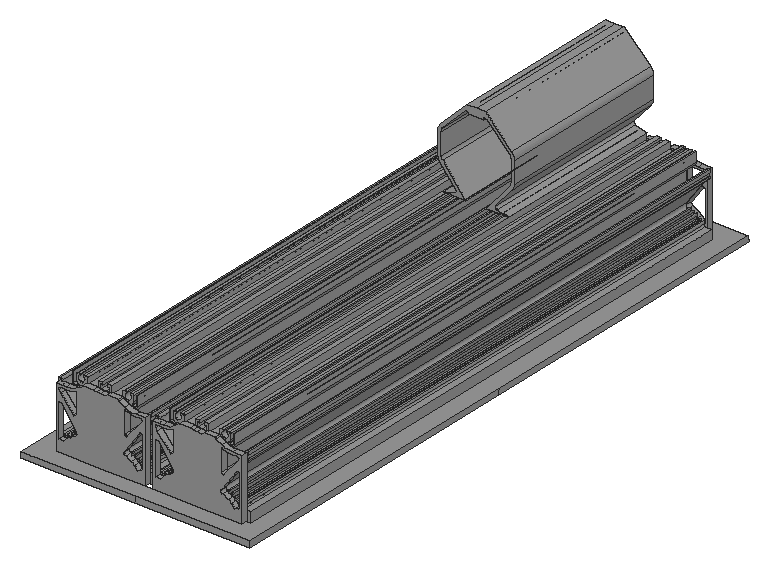
Revit family "L-street 48 Standart", category Осветительные приборы, Revit 2017 (continued)
Types (5, lengths in mm): name | built-in parameter 1150134 | Файл фотометрической сетки | built-in parameter 1150105 | Lumens | built-in parameter 1150106 | built-in parameter 1150142 | Wattage | built-in parameter 1150107 | Артикул
    0 0.00 0.00 0.00 0.00\r\n2431.019 2305.538 2234.198 2162.857 2098.878 2045.089 1991.301 1934.115 1871.268 1802.759 1725.19 1640.261 1554.20 1450.02 1286.957\r\n 1095.017 928.557 791.538 674.336 561.664 461.447 382.18 338.018 308.009 270.641 229.309 187.41 146.644 113.239 88.326 68.51 52.09 \r\n37.935 29.442 24.912 22.648 22.648 0.00 0.00 0.00 0.00 0.00 0.00 0.00 0.00 0.00 0.00 0.00 0.00 0.00 0.00 0.00 0.00 0.00 0.00 0.00 \r\n0.00 0.00 0.00 0.00 0.00 0.00 0.00 0.00 0.00 0.00 0.00 0.00 0.00 0.00 0.00 0.00 0.00\r\n2431.019 2306.67 2233.065 2159.46 2093.782 2039.427 1986.205 1928.453 1863.907 1794.832 1715.565 1629.503 1544.574 1438.13 1268.272\r\n 1076.899 914.968 779.082 664.711 552.604 452.954 375.952 336.319 306.877 269.508 225.345 182.314 141.548 109.841 88.326 69.076 \r\n53.222 39.634 29.442 24.912 22.648 22.648 0.00 0.00 0.00 0.00 0.00 0.00 0.00 0.00 0.00 0.00 0.00 0.00 0.00 0.00 0.00 0.00 0.00 0.00\r\n 0.00 0.00 0.00 0.00 0.00 0.00 0.00 0.00 0.00 0.00 0.00 0.00 0.00 0.00 0.00 0.00 0.00 0.00\r\n2431.019 2299.31 2224.006 2148.703 2083.591 2028.103 1974.881 1917.13 1852.584 1781.81 1701.41 1614.782 1527.589 1413.218 1245.058 \r\n1060.48 904.211 773.986 660.181 550.34 450.123 373.688 336.885 308.009 270.641 225.345 181.182 141.548 110.974 88.892 69.642 53.222\r\n 39.634 29.442 24.912 22.648 22.648 0.00 0.00 0.00 0.00 0.00 0.00 0.00 0.00 0.00 0.00 0.00 0.00 0.00 0.00 0.00 0.00 0.00 0.00 0.00 \r\n0.00 0.00 0.00 0.00 0.00 0.00 0.00 0.00 0.00 0.00 0.00 0.00 0.00 0.00 0.00 0.00 0.00\r\n2431.019 2291.949 2214.947 2137.945 2073.399 2016.779 1963.557 1905.806 1841.26 1768.787 1687.255 1600.061 1510.603 1388.305 \r\n1221.844 1044.06 893.453 768.89 655.651 548.075 447.292 371.423 337.451 309.141 271.773 225.345 180.049 141.548 112.106 89.458 \r\n70.208 53.222 39.634 29.442 24.912 22.648 22.648 0.00 0.00 0.00 0.00 0.00 0.00 0.00 0.00 0.00 0.00 0.00 0.00 0.00 0.00 0.00 0.00 \r\n0.00 0.00 0.00 0.00 0.00 0.00 0.00 0.00 0.00 0.00 0.00 0.00 0.00 0.00 0.00 0.00 0.00 0.00 0.00 0.00\r\n2431.019 2293.648 2215.513 2137.945 2072.833 2016.779 1961.859 1902.975 1838.995 1765.39 1682.725 1592.134 1495.882 1372.451 \r\n1211.086 1038.398 887.791 760.963 648.29 542.413 444.462 372.555 341.981 314.237 276.303 226.478 179.483 143.813 114.937 91.723 \r\n71.341 53.222 39.068 29.442 24.346 22.082 22.648 0.00 0.00 0.00 0.00 0.00 0.00 0.00 0.00 0.00 0.00 0.00 0.00 0.00 0.00 0.00 0.00 \r\n0.00 0.00 0.00 0.00 0.00 0.00 0.00 0.00 0.00 0.00 0.00 0.00 0.00 0.00 0.00 0.00 0.00 0.00 0.00 0.00\r\n2431.019 2295.346 2216.079 2137.945 2072.266 2016.779 1960.16 1900.144 1836.73 1761.993 1678.196 1584.208 1481.161 1356.598 \r\n1200.329 1032.736 882.129 753.037 640.93 536.751 441.631 373.687 346.51 319.333 280.832 227.61 178.917 146.078 117.768 93.988 \r\n72.473 53.222 38.501 29.442 23.78 21.515 22.648 0.00 0.00 0.00 0.00 0.00 0.00 0.00 0.00 0.00 0.00 0.00 0.00 0.00 0.00 0.00 0.00 \r\n0.00 0.00 0.00 0.00 0.00 0.00 0.00 0.00 0.00 0.00 0.00 0.00 0.00 0.00 0.00 0.00 0.00 0.00 0.00 0.00\r\n2431.019 2307.803 2227.969 2148.137 2079.061 2022.441 1966.388 1906.938 1842.958 1769.92 1684.991 1590.436 1486.257 1362.827 \r\n1211.653 1049.722 899.115 768.324 654.519 548.075 451.256 378.783 351.606 328.958 291.024 236.669 184.579 150.608 122.298 96.819 \r\n74.738 53.789 37.369 28.876 23.214 21.515 22.082 0.00 0.00 0.00 0.00 0.00 0.00 0.00 0.00 0.00 0.00 0.00 0.00 0.00 0.00 0.00 0.00 \r\n0.00 0.00 0.00 0.00 0.00 0.00 0.00 0.00 0.00 0.00 0.00 0.00 0.00 0.00 0.00 0.00 0.00 0.00 0.00 0.00\r\n2431.019 2320.259 2239.859 2158.328 2085.855 2028.103 1972.616 1913.732 1849.186 1777.846 1691.785 1596.664 1491.352 1369.055 \r\n1222.977 1066.708 916.10 783.611 668.108 559.399 460.881 383.879 356.702 338.583 301.215 245.728 190.241 155.137 126.827 99.65 \r\n77.002 54.355 36.236 28.31 22.648 21.515 21.515 0.00 0.00 0.00 0.00 0.00 0.00 0.00 0.00 0.00 0.00 0.00 0.00 0.00 0.00 0.00 0.00 \r\n0.00 0.00 0.00 0.00 0.00 0.00 0.00 0.00 0.00 0.00 0.00 0.00 0.00 0.00 0.00 0.00 0.00 0.00 0.00 0.00\r\n2431.019 2307.802 2227.969 2148.136 2079.06 2022.441 1966.388 1906.938 1842.958 1769.919 1684.99 1590.436 1486.256 1362.826 \r\n1211.653 1049.722 899.114 768.324 654.519 548.075 451.256 378.783 351.606 328.958 291.023 236.669 184.579 150.607 122.297 96.819 \r\n74.738 53.789 37.369 28.876 23.214 21.515 22.082 0.00 0.00 0.00 0.00 0.00 0.00 0.00 0.00 0.00 0.00 0.00 0.00 0.00 0.00 0.00 0.00 \r\n0.00 0.00 0.00 0.00 0.00 0.00 0.00 0.00 0.00 0.00 0.00 0.00 0.00 0.00 0.00 0.00 0.00 0.00 0.00 0.00\r\n2431.019 2295.346 2216.079 2137.945 2072.266 2016.779 1960.16 1900.144 1836.73 1761.993 1678.196 1584.208 1481.161 1356.598 \r\n1200.329 1032.736 882.129 753.037 640.93 536.751 441.631 373.687 346.51 319.333 280.832 227.61 178.917 146.078 117.768 93.988 \r\n72.473 53.222 38.501 29.442 23.78 21.515 22.648 0.00 0.00 0.00 0.00 0.00 0.00 0.00 0.00 0.00 0.00 0.00 0.00 0.00 0.00 0.00 0.00 \r\n0.00 0.00 0.00 0.00 0.00 0.00 0.00 0.00 0.00 0.00 0.00 0.00 0.00 0.00 0.00 0.00 0.00 0.00 0.00 0.00\r\n2431.019 2293.648 2215.513 2137.945 2072.833 2016.779 1961.859 1902.975 1838.995 1765.39 1682.726 1592.135 1495.882 1372.452 \r\n1211.087 1038.398 887.791 760.964 648.291 542.413 444.462 372.555 341.981 314.237 276.303 226.478 179.483 143.813 114.937 91.723 \r\n71.341 53.222 39.068 29.442 24.346 22.082 22.648 0.00 0.00 0.00 0.00 0.00 0.00 0.00 0.00 0.00 0.00 0.00 0.00 0.00 0.00 0.00 0.00 \r\n0.00 0.00 0.00 0.00 0.00 0.00 0.00 0.00 0.00 0.00 0.00 0.00 0.00 0.00 0.00 0.00 0.00 0.00 0.00 0.00\r\n2431.019 2291.949 2214.947 2137.945 2073.399 2016.779 1963.557 1905.806 1841.26 1768.787 1687.255 1600.061 1510.603 1388.305 \r\n1221.844 1044.06 893.453 768.89 655.651 548.075 447.292 371.423 337.451 309.141 271.773 225.345 180.049 141.548 112.106 89.458 \r\n70.208 53.222 39.634 29.442 24.912 22.648 22.648 0.00 0.00 0.00 0.00 0.00 0.00 0.00 0.00 0.00 0.00 0.00 0.00 0.00 0.00 0.00 0.00 \r\n0.00 0.00 0.00 0.00 0.00 0.00 0.00 0.00 0.00 0.00 0.00 0.00 0.00 0.00 0.00 0.00 0.00 0.00 0.00 0.00\r\n2431.019 2299.31 2224.006 2148.703 2083.591 2028.103 1974.881 1917.13 1852.584 1781.81 1701.41 1614.782 1527.589 1413.218 1245.058 \r\n1060.48 904.211 773.986 660.181 550.34 450.123 373.688 336.885 308.009 270.641 225.345 181.182 141.548 110.974 88.892 69.642 53.222\r\n 39.634 29.442 24.912 22.648 22.648 0.00 0.00 0.00 0.00 0.00 0.00 0.00 0.00 0.00 0.00 0.00 0.00 0.00 0.00 0.00 0.00 0.00 0.00 0.00 \r\n0.00 0.00 0.00 0.00 0.00 0.00 0.00 0.00 0.00 0.00 0.00 0.00 0.00 0.00 0.00 0.00 0.00\r\n2431.019 2306.67 2233.065 2159.46 2093.782 2039.427 1986.205 1928.453 1863.907 1794.832 1715.565 1629.503 1544.574 1438.13 1268.272\r\n 1076.899 914.968 779.082 664.711 552.604 452.954 375.952 336.319 306.877 269.508 225.345 182.314 141.548 109.841 88.326 69.076 \r\n53.222 39.634 29.442 24.912 22.648 22.648 0.00 0.00 0.00 0.00 0.00 0.00 0.00 0.00 0.00 0.00 0.00 0.00 0.00 0.00 0.00 0.00 0.00 0.00\r\n 0.00 0.00 0.00 0.00 0.00 0.00 0.00 0.00 0.00 0.00 0.00 0.00 0.00 0.00 0.00 0.00 0.00 0.00\r\n2431.019 2305.538 2234.198 2162.857 2098.878 2045.089 1991.301 1934.115 1871.268 1802.759 1725.19 1640.261 1554.20 1450.02 1286.957\r\n 1095.017 928.557 791.538 674.336 561.664 461.447 382.18 338.018 308.009 270.641 229.309 187.41 146.644 113.239 88.326 68.51 52.09 \r\n37.935 29.442 24.912 22.648 22.648 0.00 0.00 0.00 0.00 0.00 0.00 0.00 0.00 0.00 0.00 0.00 0.00 0.00 0.00 0.00 0.00 0.00 0.00 0.00 \r\n0.00 0.00 0.00 0.00 0.00 0.00 0.00 0.00 0.00 0.00 0.00 0.00 0.00 0.00 0.00 0.00 0.00\r\n2431.019 2304.405 2235.33 2166.254 2103.973 2050.751 1996.396 1939.777 1878.628 1810.685 1734.815 1651.019 1563.825 1461.91 \r\n1305.641 1113.135 942.145 803.994 683.961 570.723 469.94 388.408 339.716 309.141 271.773 233.272 192.506 151.74 116.636 88.326 \r\n67.943 50.957 36.236 29.442 24.912 22.648 22.648 0.00 0.00 0.00 0.00 0.00 0.00 0.00 0.00 0.00 0.00 0.00 0.00 0.00 0.00 0.00 0.00 \r\n0.00 0.00 0.00 0.00 0.00 0.00 0.00 0.00 0.00 0.00 0.00 0.00 0.00 0.00 0.00 0.00 0.00 0.00 0.00 0.00\r\n2431.019 2320.825 2251.75 2184.939 2122.658 2067.737 2015.081 1960.16 1901.842 1837.296 1763.691 1678.763 1588.738 1492.485 \r\n1355.466 1173.152 995.367 848.724 724.161 609.224 504.478 412.755 353.871 320.465 286.494 249.125 210.058 172.123 137.019 103.614 \r\n75.87 54.921 39.067 31.141 26.611 23.78 23.78 0.00 0.00 0.00 0.00 0.00 0.00 0.00 0.00 0.00 0.00 0.00 0.00 0.00 0.00 0.00 0.00 0.00 \r\n0.00 0.00 0.00 0.00 0.00 0.00 0.00 0.00 0.00 0.00 0.00 0.00 0.00 0.00 0.00 0.00 0.00 0.00 0.00\r\n2431.019 2337.245 2268.169 2203.623 2141.342 2084.723 2033.765 1980.543 1925.056 1863.907 1792.567 1706.506 1613.65 1523.059 \r\n1405.291 1233.168 1048.589 893.453 764.361 647.725 539.016 437.101 368.025 331.789 301.215 264.978 227.61 192.506 157.402 118.901 \r\n83.797 58.884 41.898 32.839 28.31 24.912 24.912 0.00 0.00 0.00 0.00 0.00 0.00 0.00 0.00 0.00 0.00 0.00 0.00 0.00 0.00 0.00 0.00 \r\n0.00 0.00 0.00 0.00 0.00 0.00 0.00 0.00 0.00 0.00 0.00 0.00 0.00 0.00 0.00 0.00 0.00 0.00 0.00 0.00\r\n2431.019 2337.811 2271.566 2208.719 2148.136 2093.216 2042.258 1989.602 1934.682 1874.099 1804.457 1720.095 1626.673 1530.42 \r\n1412.086 1249.022 1068.972 909.306 775.119 654.519 542.979 443.329 372.555 334.054 302.914 267.243 229.309 190.241 152.306 111.541 \r\n77.003 53.789 39.067 32.273 27.178 24.912 24.912 0.00 0.00 0.00 0.00 0.00 0.00 0.00 0.00 0.00 0.00 0.00 0.00 0.00 0.00 0.00 0.00 \r\n0.00 0.00 0.00 0.00 0.00 0.00 0.00 0.00 0.00 0.00 0.00 0.00 0.00 0.00 0.00 0.00 0.00 0.00 0.00 0.00\r\n2431.019 2338.377 2274.963 2213.815 2154.93 2101.708 2050.751 1998.661 1944.307 1884.29 1816.347 1733.683 1639.695 1537.78 1418.88 \r\n1264.875 1089.355 925.159 785.876 661.313 546.942 449.557 377.085 336.319 304.612 269.508 231.007 187.976 147.21 104.18 70.208 \r\n48.693 36.236 31.707 26.045 24.912 24.912 0.00 0.00 0.00 0.00 0.00 0.00 0.00 0.00 0.00 0.00 0.00 0.00 0.00 0.00 0.00 0.00 0.00 0.00\r\n 0.00 0.00 0.00 0.00 0.00 0.00 0.00 0.00 0.00 0.00 0.00 0.00 0.00 0.00 0.00 0.00 0.00 0.00\r\n2431.019 2343.473 2283.456 2225.705 2168.519 2116.996 2066.605 2016.213 1962.991 1906.372 1841.26 1762.559 1671.968 1571.752 \r\n1457.381 1316.965 1149.372 978.948 828.907 698.682 580.348 477.301 398.034 353.871 324.995 292.722 250.258 201.565 152.872 104.18 \r\n69.076 48.693 37.935 32.273 27.744 24.912 24.912 0.00 0.00 0.00 0.00 0.00 0.00 0.00 0.00 0.00 0.00 0.00 0.00 0.00 0.00 0.00 0.00 \r\n0.00 0.00 0.00 0.00 0.00 0.00 0.00 0.00 0.00 0.00 0.00 0.00 0.00 0.00 0.00 0.00 0.00 0.00 0.00 0.00\r\n2431.019 2348.569 2291.949 2237.595 2182.108 2132.283 2082.458 2033.765 1981.675 1928.453 1866.172 1791.435 1704.241 1605.723 \r\n1495.882 1369.055 1209.388 1032.736 871.937 736.051 613.753 505.044 418.983 371.423 345.378 315.936 269.508 215.153 158.534 104.18 \r\n67.943 48.693 39.634 32.839 29.442 24.912 24.912 0.00 0.00 0.00 0.00 0.00 0.00 0.00 0.00 0.00 0.00 0.00 0.00 0.00 0.00 0.00 0.00 \r\n0.00 0.00 0.00 0.00 0.00 0.00 0.00 0.00 0.00 0.00 0.00 0.00 0.00 0.00 0.00 0.00 0.00 0.00 0.00 0.00\r\n2431.019 2357.062 2304.406 2252.316 2199.66 2150.401 2102.841 2055.281 2004.323 1952.80 1893.916 1824.84 1743.309 1649.886 1544.009\r\n 1422.843 1276.765 1105.209 935.917 790.406 663.012 548.075 452.955 397.468 371.423 345.944 296.685 232.139 162.498 100.783 66.811 \r\n50.392 41.333 33.972 30.008 25.479 24.912 0.00 0.00 0.00 0.00 0.00 0.00 0.00 0.00 0.00 0.00 0.00 0.00 0.00 0.00 0.00 0.00 0.00 0.00\r\n 0.00 0.00 0.00 0.00 0.00 0.00 0.00 0.00 0.00 0.00 0.00 0.00 0.00 0.00 0.00 0.00 0.00 0.00\r\n2431.019 2365.554 2316.862 2267.037 2217.212 2168.519 2123.224 2076.796 2026.971 1977.146 1921.659 1858.245 1782.376 1694.049 \r\n1592.135 1476.631 1344.142 1177.681 999.897 844.76 712.271 591.105 486.926 423.512 397.467 375.952 323.862 249.125 166.461 97.385 \r\n65.678 52.09 43.031 35.104 30.574 26.045 24.912 0.00 0.00 0.00 0.00 0.00 0.00 0.00 0.00 0.00 0.00 0.00 0.00 0.00 0.00 0.00 0.00 \r\n0.00 0.00 0.00 0.00 0.00 0.00 0.00 0.00 0.00 0.00 0.00 0.00 0.00 0.00 0.00 0.00 0.00 0.00 0.00 0.00\r\n2431.019 2375.18 2331.017 2285.721 2238.161 2191.733 2148.137 2105.106 2058.112 2010.552 1958.462 1899.578 1831.635 1750.103 \r\n1653.85 1546.839 1430.204 1284.692 1112.57 944.41 798.899 669.806 553.171 467.675 429.74 413.321 364.628 274.038 168.16 96.819 \r\n68.509 55.487 46.428 38.501 31.707 26.045 25.479 0.00 0.00 0.00 0.00 0.00 0.00 0.00 0.00 0.00 0.00 0.00 0.00 0.00 0.00 0.00 0.00 \r\n0.00 0.00 0.00 0.00 0.00 0.00 0.00 0.00 0.00 0.00 0.00 0.00 0.00 0.00 0.00 0.00 0.00 0.00 0.00 0.00\r\n2431.019 2384.805 2345.171 2304.405 2259.11 2214.947 2173.049 2133.415 2089.252 2043.957 1995.264 1940.91 1880.893 1806.156 \r\n1715.565 1617.047 1516.265 1391.702 1225.242 1044.06 885.526 748.507 619.415 511.838 462.013 450.69 405.394 298.95 169.858 96.253 \r\n71.34 58.884 49.825 41.898 32.839 26.045 26.045 0.00 0.00 0.00 0.00 0.00 0.00 0.00 0.00 0.00 0.00 0.00 0.00 0.00 0.00 0.00 0.00 \r\n0.00 0.00 0.00 0.00 0.00 0.00 0.00 0.00 0.00 0.00 0.00 0.00 0.00 0.00 0.00 0.00 0.00 0.00 0.00 0.00\r\n2431.019 2390.467 2355.363 2317.994 2276.662 2236.463 2198.528 2161.159 2119.827 2076.23 2029.802 1978.845 1923.924 1855.981 \r\n1775.015 1685.557 1593.267 1480.595 1332.253 1157.865 986.875 836.833 698.116 576.951 504.478 475.036 413.321 285.362 154.571 \r\n94.555 71.907 59.45 50.958 42.465 33.972 27.744 26.045 0.00 0.00 0.00 0.00 0.00 0.00 0.00 0.00 0.00 0.00 0.00 0.00 0.00 0.00 0.00 \r\n0.00 0.00 0.00 0.00 0.00 0.00 0.00 0.00 0.00 0.00 0.00 0.00 0.00 0.00 0.00 0.00 0.00 0.00 0.00 0.00 0.00\r\n2431.019 2396.129 2365.554 2331.583 2294.214 2257.978 2224.006 2188.902 2150.401 2108.503 2064.34 2016.779 1966.954 1905.806 \r\n1834.465 1754.066 1670.269 1569.487 1439.263 1271.669 1088.223 925.159 776.817 642.063 546.942 499.382 421.248 271.773 139.283 \r\n92.856 72.473 60.016 52.09 43.031 35.104 29.442 26.045 0.00 0.00 0.00 0.00 0.00 0.00 0.00 0.00 0.00 0.00 0.00 0.00 0.00 0.00 0.00 \r\n0.00 0.00 0.00 0.00 0.00 0.00 0.00 0.00 0.00 0.00 0.00 0.00 0.00 0.00 0.00 0.00 0.00 0.00 0.00 0.00 0.00\r\n2431.019 2403.49 2375.746 2346.304 2312.332 2279.493 2248.919 2216.646 2182.108 2143.041 2100.576 2055.847 2009.985 1954.499 \r\n1891.085 1822.009 1748.404 1662.909 1552.502 1406.423 1232.602 1058.781 897.416 746.809 618.849 527.692 418.983 261.015 139.283 \r\n93.422 74.172 61.715 52.656 44.163 35.104 29.442 27.178 0.00 0.00 0.00 0.00 0.00 0.00 0.00 0.00 0.00 0.00 0.00 0.00 0.00 0.00 0.00 \r\n0.00 0.00 0.00 0.00 0.00 0.00 0.00 0.00 0.00 0.00 0.00 0.00 0.00 0.00 0.00 0.00 0.00 0.00 0.00 0.00 0.00\r\n2431.019 2410.85 2385.937 2361.025 2330.45 2301.008 2273.831 2244.389 2213.815 2177.578 2136.812 2094.914 2053.016 2003.191 \r\n1947.704 1889.952 1826.539 1756.33 1665.739 1541.176 1376.98 1192.401 1018.014 851.553 690.755 556.002 416.718 250.257 139.283 \r\n93.988 75.87 63.414 53.222 45.295 35.104 29.442 28.31 0.00 0.00 0.00 0.00 0.00 0.00 0.00 0.00 0.00 0.00 0.00 0.00 0.00 0.00 0.00 \r\n0.00 0.00 0.00 0.00 0.00 0.00 0.00 0.00 0.00 0.00 0.00 0.00 0.00 0.00 0.00 0.00 0.00 0.00 0.00 0.00 0.00\r\n2431.019 2418.777 2397.261 2375.746 2350.267 2326.487 2303.273 2278.361 2251.184 2219.477 2183.24 2144.739 2105.106 2058.678 \r\n2012.816 1967.521 1921.093 1870.702 1805.024 1712.168 1582.509 1418.88 1236.566 1043.494 839.664 634.703 433.138 253.088 144.379 \r\n96.253 78.701 66.245 56.619 46.994 36.803 30.575 28.876 0.00 0.00 0.00 0.00 0.00 0.00 0.00 0.00 0.00 0.00 0.00 0.00 0.00 0.00 0.00 \r\n0.00 0.00 0.00 0.00 0.00 0.00 0.00 0.00 0.00 0.00 0.00 0.00 0.00 0.00 0.00 0.00 0.00 0.00 0.00 0.00 0.00\r\n2431.019 2426.703 2408.585 2390.467 2370.084 2351.966 2332.715 2312.332 2288.552 2261.375 2229.668 2194.564 2157.195 2114.165 \r\n2077.928 2045.089 2015.646 1985.072 1944.306 1883.157 1788.036 1645.356 1455.115 1235.432 988.572 713.403 449.557 255.919 149.475 \r\n98.518 81.532 69.076 60.016 48.693 38.501 31.707 29.442 0.00 0.00 0.00 0.00 0.00 0.00 0.00 0.00 0.00 0.00 0.00 0.00 0.00 0.00 0.00 \r\n0.00 0.00 0.00 0.00 0.00 0.00 0.00 0.00 0.00 0.00 0.00 0.00 0.00 0.00 0.00 0.00 0.00 0.00 0.00 0.00 0.00\r\n2431.019 2436.329 2421.041 2408.019 2392.732 2379.143 2364.988 2349.135 2328.752 2306.671 2282.324 2252.882 2217.778 2179.843 \r\n2148.136 2121.525 2102.275 2086.988 2069.436 2039.427 1986.771 1897.879 1761.993 1574.017 1318.664 988.007 614.886 319.333 167.027 \r\n107.011 86.628 74.172 64.546 53.789 40.766 32.273 30.
